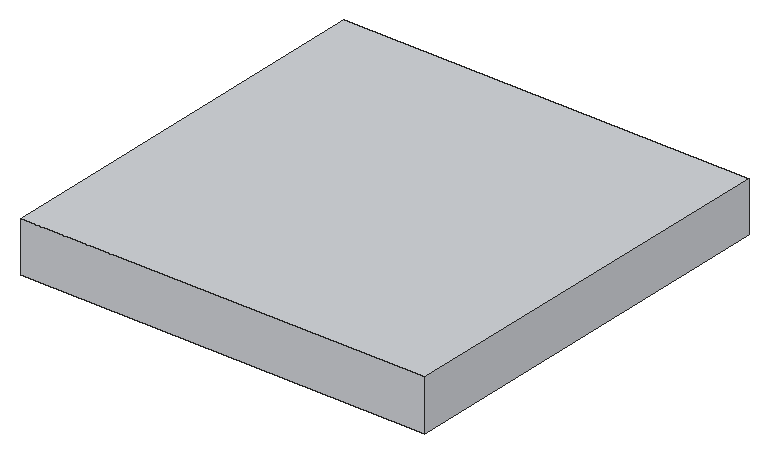
Revit family "COD3M 6 (6RED+4RJ45)", category Aparatos eléctricos, Revit 2016
Family settings
  Anfitrión = Cara
  Mantener orientación de anotación = No
  Tipo de pieza = Normal
  Cota de conector redondo = Diámetro de uso
  Número OmniClass = 23.80.50.11.11
  Título OmniClass = Receptacle Terminal Units
  Corte con vacíos al cargar = No
  Compartido = No
  Punto de cálculo de habitación = No
Parameters (values of type "Módulo /9 - Aluminio")
  Ø tubos G = 25 mm
  Voltaje = 230 V
  URL = "http://www.mmconecta.com/"
  Potencia aparente = 3500 W
  Polos = 1
  Normativas = "UNE 60670 / Marcado CE"  # constant formula
  Modelo = "CODM45 - COD3M"  # constant formula
  Materia prima = "Aluminio anodizado"
  Instalación = "De suelo a techo"  # constant formula
  Descripción = "Torre de conexiones CODM 45"  # constant formula
  Código de montaje = "D5020100"
  Composición = "Perfil de aluminio en dos caras a 3m, Tapa da aluminio de 3m (2ud), Guía de aluminio de anclaje a techo de 1,5m, Embellecedor superior, Tornillería de suelo (4ud), Zócalo"  # constant formula
  Capacidad = "Ilimitados"  # constant formula
  COD3M (AltoxLargoxAncho) = "3000 x 147,5 x 112 mm"  # constant formula
  Acabado = "Aluminio anodizado"
  Factor de potencia = 1
  Fabricante = "MMCONECTA"  # constant formula
  Elevación por defecto = 1200 mm
  Compatibilidad = "Gama 45"  # constant formula
  Carga eléctrica = Potencia
Types (4, lengths in mm): name | Materia prima | Acabado
  (no name) | "Aluminio anodizado" | "Aluminio anodizado"
  Módulo /4 - Blanco | "Policarbonato libre de halógenos" | "Blanco nieve RAL9019"
  Módulo /6 - Grafito | "Policarbonato libre de halógenos" | "Grafito RAL7021"
  Módulo /9 - Aluminio | "Aluminio anodizado" | "Aluminio anodizado"
Reference planes
  plane 1 "Centro (Frontal/Posterior)": y = 0
  plane 2: z = 0
  plane 3 "Centro (Izquierda/Derecha)": x = 0
Forms (mm)
  Extrusion 1, solid
    sketch origin (0, 0, 0) x (1, 0, 0) y (0, 1, 0)
      loop
        line (-1219.2, 1219.2) -> (-1219.2, -1219.2) -> (1219.2, -1219.2) -> (1219.2, 1219.2) -> (-1219.2, 1219.2)
    from 0 to -304.8
  Extrusion 2, solid, detail levels coarse+medium
    sketch origin (0, 0, 0) x (1, 0, 0) y (0, 1, 0)
      loop
        arc (-39.555, 62.173) -> (-51.775, 32.144) -> (-55.996, 0) r 127.015
        arc (-55.996, 0) -> (-51.775, -32.144) -> (-39.555, -62.173) r 127.015
        arc (-39.555, -62.173) -> (-33.696, -68.626) -> (-25.629, -71.924) r 19.727
        arc (-25.629, -71.924) -> (0, -74.048) -> (25.629, -71.924) r 155.664
        arc (25.629, -71.924) -> (33.696, -68.626) -> (39.555, -62.173) r 19.727
        arc (39.555, -62.173) -> (51.775, -32.144) -> (55.996, 0) r 127.015
        arc (55.996, 0) -> (51.775, 32.144) -> (39.555, 62.173) r 127.015
        arc (39.555, 62.173) -> (33.696, 68.626) -> (25.629, 71.924) r 19.727
        arc (25.629, 71.924) -> (0, 74.048) -> (-25.629, 71.924) r 155.664
        arc (-25.629, 71.924) -> (-33.696, 68.626) -> (-39.555, 62.173) r 19.727
    from 0 to 3050
Dimensions and locks
  aligned and locked: plane 2 to Extrusion 1
  aligned and locked: level to Extrusion 1
  aligned and locked: Extrusion 2 to import instance
  aligned and locked: plane 3 "Centro (Izquierda/Derecha)" to nested 1
  aligned and locked: plane 1 "Centro (Frontal/Posterior)" to nested 1
Nested families
  nested 1: "Simbolo enchufe" at (0, 0, 0), type "6RED+4RJ45", detail levels coarse+medium
Connectors
  cabletrayconduit at (-0.234, 0, 0), diameter 25, driven by "Ø tubos G"
    settings: on import instance, index 1, connector width 300 mm, connector height 300 mm, connector angle 0.00°, system type 32, placement type 0, profile type 0, connector reference index -1, is primary connector yes, connector utility param no, connector description ""
  cabletrayconduit at (0, 0, 3050), diameter 25, driven by "Ø tubos G"
    settings: on import instance, index 2, connector width 300 mm, connector height 300 mm, connector angle 0.00°, system type 32, placement type 0, profile type 0, connector reference index -1, is primary connector no, connector utility param no, connector description ""
  electrical at (0, -61.513, 307.703)
    settings: on import instance, index 3, voltage 0 V, apparent load 0 W, apparent load phase1 0 W, apparent load phase2 0 W, apparent load phase3 0 W, power factor 1, load classification "Otro", number of poles 1, system type 5, power factor state 1, is connector primary no, connector utility no, sub classification motor no, connector description "Datos"
  electrical at (-0.778, -40.11, 389.638), driven by "Polos", driven by "Carga eléctrica", driven by "Voltaje", driven by "Potencia aparente", driven by "Factor de potencia"
    settings: on import instance, index 4, voltage 230 V, apparent load 0 W, apparent load phase1 3500 W, apparent load phase2 0 W, apparent load phase3 0 W, power factor 1, load classification "Potencia", number of poles 1, system type 31, power factor state 1, is connector primary yes, connector utility no, sub classification motor no, connector description "Eléctrico"
Definition of nested family "Simbolo enchufe"
  Parameters (values of type "6RED+4RJ45")
    Anotación de texto de etiqueta = ""
    6RED+4RJ45 = yes
    6RED+2RJ45 = no
    4RED+4RJ45 = no
  Types (3, lengths in mm): name | 6RED+4RJ45 | 6RED+2RJ45 | 4RED+4RJ45
    6RED+4RJ45 | yes | no | no
    6RED+2RJ45 | no | yes | no
    4RED+4RJ45 | no | no | yes
  Reference planes
    plane 1: y = 0
    plane 2: x = 0
  Lines and regions (mm)
    detail lines
      curve 1: line (0, 1.25, 0) -> (0, 0, 0)
      curve 2: line (-1.25, 1.25, 0) -> (1.25, 1.25, 0)
      curve 3: arc (-1.25, 2.5, 0) -> (0, 1.25, 0) -> (1.25, 2.5, 0) r 1.25
  Text (mm)
    text "6RED+4RJ45" at (-6.099, 0.33, 0), visible <- "6RED+4RJ45"
    text "6RED+2RJ45" at (-6.099, 0.33, 0), visible <- "6RED+2RJ45"
    text "4RED+2RJ45" at (-6.099, 0.33, 0), visible <- "4RED+4RJ45"
